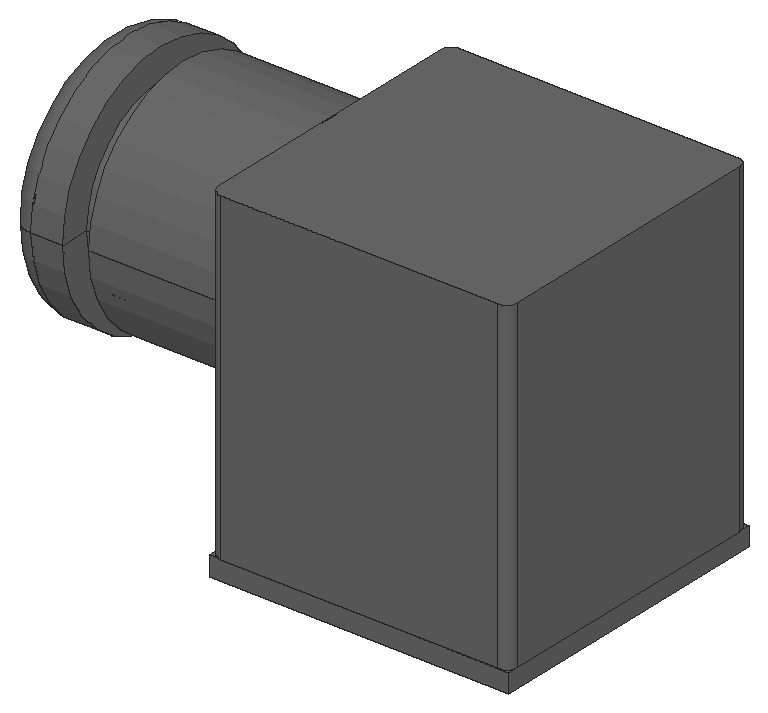
Revit family "456", category Pipe Accessories, Revit 2018
Family settings
  Round Connector Dimension = Use Diameter
  Part Type = Valve - Breaks Into
  OmniClass Number = 23.27.43.00
  Work Plane-Based = Yes
  Always vertical = No
  Cut with Voids When Loaded = No
  Shared = No
Parameters (values of type "CON31 000 01")
  W1 = 27.500 mm  # constant formula
  W = 40.900 mm  # constant formula
  Voltage = 0 V
  Specification = "2 PINS"
  Secondary Material = AIGNEP - Plastic - Black
  QR code = "https://www.bimobject.com/aignep/product/30-36-mm-connector-connector-30-36"
  Product url = "https://www.aignep.com/eng/Pipe-fittings-INFINITY/Air-Pipeline-INFINITY-Series/30-36-MM-CONNECTOR"
  Product name = "30-36 Mm Connector - Connector 30-36"
  Product group = "Valves"
  Product family = "INFINITY"
  Product certification = "https://www.aignep.com/eng/Certificazioni/FREE-OF-SILICON"
  Product SKU = "30-36-Mm-Connector-Connector-30-36"
  Product Material = AIGNEP - Plastic - Black
  Product Guid = "2e037b33-d9ea-47d4-863b-0ab0419701fb"
  Power Factor = 1
  OmniClass Description = "Pipe Fittings"
  OmniClass Code = "23-27 43 00"
  Number of Poles = 1
  Material main = "Brass"
  Manufacturer name = "Aignep Spa"
  Manufacturer country = "Italy"
  L1 = 7.000 mm  # constant formula
  IFC Classification = "Pipe Fitting"
  H = 27.500 mm  # constant formula
  Edition number = 1
  Dimensions = "30-36"
  Design country = "Italy"
  Description = "30-36 Mm Connector"  # constant formula
  URL = "https://www.aignep.com/"
  Product data url = "https://www.bimobject.com/aignep/product/30-36-mm-connector-connector-30-36"
  Model = "CON31 000 01"
  Manufacturer = "Aignep Spa"  # constant formula
  Keynote = "15410"
  Default Elevation = 1219.200 mm
  DD = 21.800 mm  # constant formula
  D = 30.000 mm  # constant formula
  BIMobject category = "Valves"
  Assembly Code = "D2040100"
  Article Code [instance] = "CON31 000 01"
  Apparent Load = 0 VA
Types (5, lengths in mm): name | Voltage | Specification | Product Material | Model | Article Code
  (no name) | 0 V | "2 PINS" | AIGNEP - Plastic - Black | "CON31 000 01" | "CON31 000 01"
  CON31 000 01 | 0 V | "2 PINS" | AIGNEP - Plastic - Black | "CON31 000 01" | "CON31 000 01"
  CON32 024 00 | 24 V | "LED + VDR 0 - 24V" | AIGNEP - Plastic - Transparent | "CON32 024 00" | "CON32 024 00"
  CON32 110 00 | 110 V | "LED + VDR 110V" | AIGNEP - Plastic - Transparent | "CON32 110 00" | "CON32 110 00"
  CON32 250 00 | 220 V | "LED + VDR 220V" | AIGNEP - Plastic - Transparent | "CON32 250 00" | "CON32 250 00"
Reference planes
  plane 1 "Center (Front/Back)": y = 0
  plane 2: z = 0
  plane 3 "Center (Left/Right)": x = 0
  plane 4: y = 13.75
  plane 5: y = -13.75
  plane 6: x = -13.75
  plane 7: x = 13.75
  plane 8: x = -27.15
  plane 9: y = 10.9
  plane 10: y = -10.9
  plane 11: z = 31.75
  plane 12: z = 1.75
  plane 13: z = -3.25
  plane 14: z = 20.85
Forms (mm)
  Extrusion 1, solid, material "AIGNEP - Plastic - Black" <- "Product Material", detail levels fine
    sketch origin (0, 0, 0) x (1, 0, 0) y (0, 1, 0)
      loop
        arc (-12.75, 13.75) -> (-13.457, 13.457) -> (-13.75, 12.75) r 1
        line (-13.75, 12.75) -> (-13.75, -12.75)
        arc (-13.75, -12.75) -> (-13.457, -13.457) -> (-12.75, -13.75) r 1
        line (-12.75, -13.75) -> (12.75, -13.75)
        arc (12.75, -13.75) -> (13.457, -13.457) -> (13.75, -12.75) r 1
        line (13.75, -12.75) -> (13.75, 12.75)
        arc (13.75, 12.75) -> (13.457, 13.457) -> (12.75, 13.75) r 1
        line (12.75, 13.75) -> (-12.75, 13.75)
    from 1.75 to 31.75
  Extrusion 2, solid, material "AIGNEP - Plastic - Black" <- "Secondary Material", detail levels fine
    sketch origin (0, 0, 0) x (1, 0, 0) y (0, 0, 1)
      loop
        line (-13.75, 1.75) -> (-13.75, 0) -> (13.75, 0) -> (13.75, 1.75) -> (-13.75, 1.75)
    from -13.75 to 13.75
  Extrusion 3, void
    sketch origin (-67.136, -1524, 31.75) x (-1, 0, 0) y (0, -1, 0)
      loop
        line (-54.386, -1536.75) -> (-54.386, -1511.25) -> (-79.886, -1511.25) -> (-79.886, -1536.75) -> (-54.386, -1536.75)
    from -30 to -1
  Extrusion 4, solid, material "AIGNEP - Plastic - Black" <- "Secondary Material", detail levels fine
    sketch origin (0, 0, 0) x (1, 0, 0) y (0, 0, 1)
      loop
        line (-12.75, 1.75) -> (12.75, 1.75) -> (12.75, 16.75) -> (-12.75, 16.75) -> (-12.75, 1.75)
    from -12.75 to 12.75
  Revolve 5, solid, material "AIGNEP - Plastic - Black" <- "Product Material", detail levels fine
    sketch origin (-67.136, -1524, 20.85) x (-1, 0, 0) y (0, -1, 0)
      loop
        line (-53.386, -1532.8) -> (-53.386, -1534.9) -> (-39.986, -1534.9) -> (-39.986, -1532.8) -> (-53.386, -1532.8)
      axis (-53.386, -1524) -> (-39.986, -1524)
    angle from 0 to 360
  Revolve 6, solid, material "AIGNEP - Plastic - Black" <- "Secondary Material", detail levels fine
    sketch origin (-67.136, -1524, 20.85) x (-1, 0, 0) y (0, -1, 0)
      loop
        line (-51.386, -1524) -> (-51.386, -1532.748) -> (-37.986, -1532.748) -> (-37.986, -1535.451) -> (-35.088, -1535.451)
        arc (-35.088, -1535.451) -> (-33.601, -1534.836) -> (-32.986, -1533.35) r 2.102
        line (-32.986, -1533.35) -> (-32.986, -1524) -> (-51.386, -1524)
      axis (-51.386, -1524) -> (-32.986, -1524)
    angle from 0 to 360
  Extrusion 7, solid, material "AIGNEP - Steel - Brushed", detail levels fine
    sketch origin (0, 0, 0) x (1, 0, 0) y (0, 1, 0)
      loop
        circle (0, 0) r 1.5
    from 0 to -3.25
Cuts and joins
  Extrusion 3 cuts Extrusion 1
Lines and regions (mm)
  model lines, style "PipeFitting", detail levels coarse+medium
    curve 1: line (-27.15, 13.75, 0) -> (-27.15, -13.75, 0)
    curve 2: line (-27.15, 13.75, 0) -> (13.75, 13.75, 0)
    curve 3: line (13.75, 13.75, 0) -> (13.75, -13.75, 0)
    curve 4: line (-27.15, -13.75, 0) -> (13.75, -13.75, 0)
Dimensions and locks
  equal spacing: plane 6, plane 3 "Center (Left/Right)", plane 7
  "W1": plane 6 to plane 7
  equal spacing: plane 5, plane 1 "Center (Front/Back)", plane 4
  "H": plane 4 to plane 5
  "W": plane 8 to plane 7
  equal spacing: plane 10, plane 1 "Center (Front/Back)", plane 9
  "DD": plane 10 to plane 9
  locked: plane 12 to plane 2 at 1.75
  "D": plane 11 to plane 12
  locked: plane 12 to plane 13 at 5
  locked: plane 6 to Extrusion 3 sketch curve at 1
  locked: Extrusion 3 sketch curve to plane 7 at 1
  locked: plane 4 to Extrusion 3 sketch curve at 1
  locked: Extrusion 3 sketch curve to plane 5 at 1
  equal spacing: plane 11, Extrusion 4 sketch curve, plane 12
  locked: Extrusion 4 sketch curve to plane 6 at 1
  locked: plane 7 to Extrusion 4 sketch curve at 1
  locked: plane 1 "Center (Front/Back)" to Revolve 5 sketch curve at 8.8
  locked: plane 11 to plane 14 at 10.9
  locked: Revolve 6 sketch curve to plane 9 at 2.152
  Revolve 6 sketch curve to Revolve 6 sketch curve to Revolve 6 sketch curve = 5.000 mm locked, 13.400 mm locked
  locked: plane 9 to Revolve 6 sketch curve at 0.551
  "L1": Revolve 6 sketch curve to plane 8
  aligned and locked: level to plane 2
  aligned and locked: plane 6 to Extrusion 1 sketch curve
  aligned and locked: Extrusion 1 sketch curve to plane 4
  aligned and locked: Extrusion 1 sketch curve to plane 7
  aligned and locked: plane 5 to Extrusion 1 sketch curve
  aligned and locked: Extrusion 1 to plane 12
  aligned and locked: plane 11 to Extrusion 1
  aligned and locked: Extrusion 2 sketch curve to Extrusion 1  (x2)
  aligned and locked: plane 2 to Extrusion 2 sketch curve
  aligned and locked: Extrusion 2 sketch curve to plane 7
  aligned and locked: plane 4 to Extrusion 2
  aligned and locked: Extrusion 2 to plane 5
  aligned and locked: Extrusion 4 sketch curve to plane 12
  aligned and locked: Revolve 5 sketch curve to plane 9
  aligned and locked: Revolve 5 sketch curve to plane 8
  aligned and locked: plane 6 to Revolve 5 sketch curve
  aligned and locked: Revolve 5 sketch curve to plane 1 "Center (Front/Back)"
  aligned and locked: Revolve 6 sketch curve to plane 1 "Center (Front/Back)"  (x2)
  aligned and locked: Extrusion 7 to plane 13
  aligned and locked: curve 1 to plane 8
  aligned and locked: curve 2 to plane 4
  aligned and locked: curve 3 to plane 7
  aligned and locked: curve 4 to plane 5
Automatic sketch dimensions
  plane 5 to Extrusion 1 sketch curve = 1.000 mm
  Extrusion 1 sketch curve to Extrusion 1 sketch curve = 1.000 mm
  Extrusion 1 sketch curve to plane 7 = 1.000 mm  (x2)
  plane 8 to Revolve 5 sketch curve = 5.997 mm
  Revolve 5 sketch curve to plane 8 = 1.711 mm
  plane 1 "Center (Front/Back)" to Extrusion 7 sketch curve = 0.000 mm
  Extrusion 7 sketch curve to plane 3 "Center (Left/Right)" = 0.000 mm
  plane 9 to Revolve 6 sketch curve = 1.550 mm
  Revolve 6 sketch curve to Revolve 6 sketch curve = 0.000 mm
  Revolve 6 sketch curve to Revolve 6 sketch curve = 7.863 mm
  radius of Extrusion 7 sketch curve = 1.500 mm
Connectors
  electrical at (0, 0, -3.25), driven by "Voltage", driven by "Apparent Load", driven by "Power Factor", driven by "Number of Poles"
    settings: on Extrusion 7, index 1, voltage 0 V, apparent load 0 VA, apparent load phase1 0 VA, apparent load phase2 0 VA, apparent load phase3 0 VA, power factor 1, load classification "Other", number of poles 1, system type 30, power factor state 1, is connector primary yes, connector utility no, sub classification motor no, connector description "Electrical Connection"
